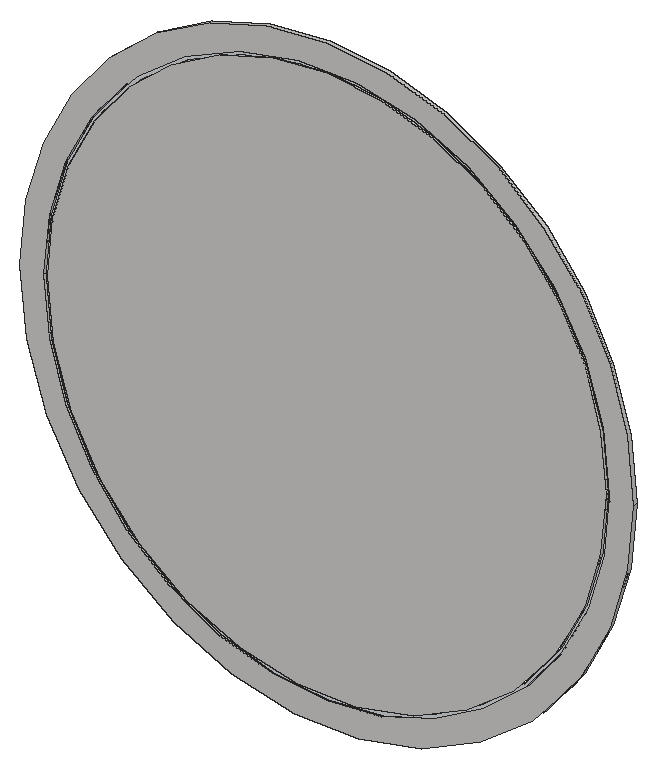
Revit family "RS1", category Generic Models, Revit 2021
Family settings
  Can host rebar = No
  Round Connector Dimension = Use Diameter
  Part Type = Normal
  Work Plane-Based = No
  Always vertical = Yes
  Cut with Voids When Loaded = No
  Shared = No
  Room Calculation Point = No
Parameters (values of type "Standard")
  e-mail = "info@vola.com"
  URL = "http://vola.com"
  Telephone = "+45 7023 5500"
  Quality management standard = "ISO 9001"
  Organisation no. / DUNS no. = "17531328"
  Occupational health and safety management standard = "ISO 18001"
  Mounting Instructions = "http://vola.com/service/producturl.ashx?name=RS1"
  Model = "RS1"
  Materials and components information = "http://vola.com/service/producturl.ashx?name=RS1"
  Manufacturer = "VOLA A/S"
  Maintenance Instructions = "http://vola.com/service/producturl.ashx?name=RS1"
  Guarantee = "2 years"
  Environmental management standard = "ISO 14000"
  Default Elevation = 0.0000 mm
  Connection - All relevant connections = ""
  Approvals = "http://vola.com/service/producturl.ashx?name=RS1"
Reference planes
  plane 1 "Center (Front/Back)": y = 0
  plane 2: z = 0
  plane 3 "Center (Left/Right)": x = 0
  plane 4 "Cilinder": through (0, -175.696, 153.673) normal (0, -0.9925, -0.1219)
Forms (mm)
  Extrusion 1, solid, material "Stainless Steel"
    sketch origin (0, 0, 0) x (1, 0, 0) y (0, 0, 1)
      loop
        circle (0, 0) r 190
      loop
        circle (0, 0) r 175
    from 0 to 2
  Extrusion 2, solid, material "Stainless Steel"
    sketch origin (0, 0, 0) x (1, 0, 0) y (0, 0, 1)
      loop
        circle (0, 0) r 173
    from 0 to 2
  Extrusion 3, solid
    sketch origin (0, 0, 0) x (1, 0, 0) y (0, 0, 1)
      loop
        circle (0, 0) r 175
      loop
        circle (0, 0) r 173
    from 0 to 1
Dimensions and locks
  aligned and locked: plane 2 to level
